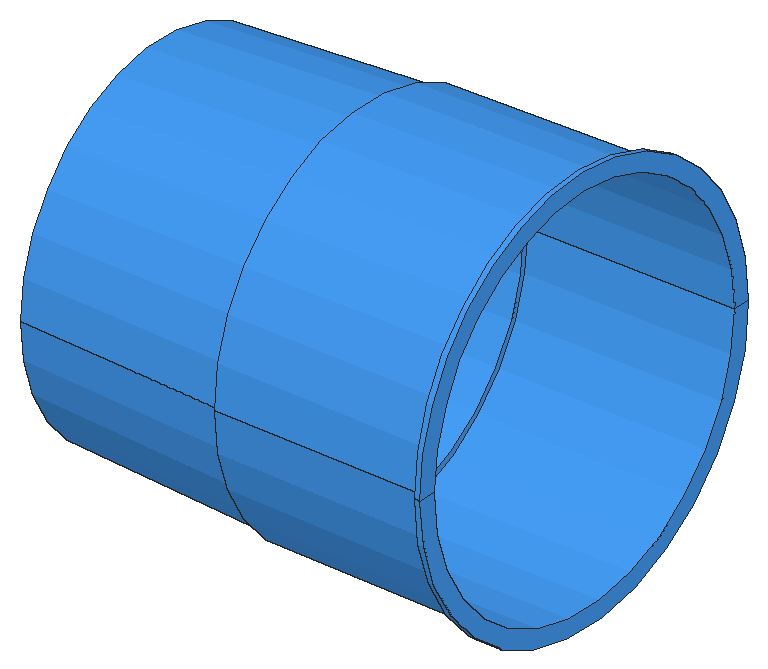
Revit family "65-EXTENSION REV 0", category Pipe Accessories, Revit 2023
Family settings
  Round Connector Dimension = Use Diameter
  Part Type = Breaks Into
  Work Plane-Based = No
  Always vertical = No
  Cut with Voids When Loaded = No
  Shared = No
Parameters
  URL = "http://www.suresnap.co.uk/"
  Model = "65-EXTENSION"
  Manufacturer = "Sure Snap Fire Collars UK"
  Description = "SURE SNAP 65 Extension"
  Default Elevation = 0 mm
  Cut Depth Offset [instance] = Cut Depth + 1 mm  # 1 mm
  Cut Depth [instance] = 0 mm
Reference planes
  plane 1 "Center (Front/Back)": y = 0
  plane 2: z = 0
  plane 3 "Center (Left/Right)": x = -99.679
  plane 4: x = -99.679
  plane 5: x = -99.679
  plane 6: x = -99.679
Forms (mm)
  Extrusion 1, solid, material "PVC-Blue", not visible, detail levels fine
    sketch origin (0, 0, 0) x (1, 0, 0) y (0, 0, 1)
      loop
        line (-80, 60.418) -> (-227.967, 86.048) -> (-227.967, 69.12) -> (-80, 60.418)
    from -1.5 to 1.5
  Extrusion 2, solid, material "PVC-Blue", not visible, detail levels fine
    sketch origin (0, 0, 0) x (1, 0, 0) y (0, -0.5, 0.866025)
      loop
        line (-80, 60.418) -> (-227.967, 86.048) -> (-227.967, 69.12) -> (-80, 60.418)
    from -1.5 to 1.5
  Extrusion 3, solid, material "PVC-Blue", not visible, detail levels fine
    sketch origin (0, 0, 0) x (1, 0, 0) y (0, -0.866025, 0.5)
      loop
        line (-80, 60.418) -> (-227.967, 86.048) -> (-227.967, 69.12) -> (-80, 60.418)
    from -1.5 to 1.5
  Extrusion 4, solid, material "PVC-Blue", not visible, detail levels fine
    sketch origin (0, 0, 0) x (0, -1, 0) y (-1, 0, 0)
      loop
        line (60.418, 80) -> (86.048, 227.967) -> (69.12, 227.967) -> (60.418, 80)
    from -1.5 to 1.5
  Extrusion 5, solid, material "PVC-Blue", not visible, detail levels fine
    sketch origin (0, 0, 0) x (1, 0, 0) y (0, -0.866025, -0.5)
      loop
        line (-80, 60.418) -> (-227.967, 86.048) -> (-227.967, 69.12) -> (-80, 60.418)
    from -1.5 to 1.5
  Extrusion 6, solid, material "PVC-Blue", not visible, detail levels fine
    sketch origin (0, 0, 0) x (1, 0, 0) y (0, -0.5, -0.866025)
      loop
        line (-80, 60.418) -> (-227.967, 86.048) -> (-227.967, 69.12) -> (-80, 60.418)
    from -1.5 to 1.5
  Extrusion 7, solid, material "PVC-Blue", not visible, detail levels fine
    sketch origin (0, 0, 0) x (1, 0, 0) y (0, 0, -1)
      loop
        line (-80, 60.418) -> (-227.967, 86.048) -> (-227.967, 69.12) -> (-80, 60.418)
    from -1.5 to 1.5
  Extrusion 8, solid, material "PVC-Blue", not visible, detail levels fine
    sketch origin (0, 0, 0) x (1, 0, 0) y (0, 0.5, -0.866025)
      loop
        line (-80, 60.418) -> (-227.967, 86.048) -> (-227.967, 69.12) -> (-80, 60.418)
    from -1.5 to 1.5
  Extrusion 9, solid, material "PVC-Blue", not visible, detail levels fine
    sketch origin (0, 0, 0) x (1, 0, 0) y (0, 0.866025, -0.5)
      loop
        line (-80, 60.418) -> (-227.967, 86.048) -> (-227.967, 69.12) -> (-80, 60.418)
    from -1.5 to 1.5
  Extrusion 10, solid, material "PVC-Blue", not visible, detail levels fine
    sketch origin (0, 0, 0) x (1, 0, 0) y (0, 1, 0)
      loop
        line (-80, 60.418) -> (-227.967, 86.048) -> (-227.967, 69.12) -> (-80, 60.418)
    from -1.5 to 1.5
  Extrusion 11, solid, material "PVC-Blue", not visible, detail levels fine
    sketch origin (0, 0, 0) x (1, 0, 0) y (0, 0.866025, 0.5)
      loop
        line (-80, 60.418) -> (-227.967, 86.048) -> (-227.967, 69.12) -> (-80, 60.418)
    from -1.5 to 1.5
  Extrusion 12, solid, material "PVC-Blue", not visible, detail levels fine
    sketch origin (0, 0, 0) x (1, 0, 0) y (0, 0.5, 0.866025)
      loop
        line (-80, 60.418) -> (-227.967, 86.048) -> (-227.967, 69.12) -> (-80, 60.418)
    from -1.5 to 1.5
  Extrusion 13, solid, material "PVC-Blue", not visible, detail levels medium+fine
    sketch origin (0, 0, 0) x (1, 0, 0) y (0, 0, 1)
      loop
        line (-227.967, 58.439) -> (-140.967, 58.439) -> (-140.967, 77.244)
        arc (-140.967, 77.244) -> (-148.679, 90.01) -> (-162.316, 96.048) r 24.811
        line (-162.316, 96.048) -> (-227.967, 96.048) -> (-227.967, 58.439)
    from -12 to 12
  Extrusion 14, solid, material "PVC-Blue", not visible, detail levels fine
    sketch origin (0, 0, 0) x (1, 0, 0) y (0, 0, 1)
      loop
        line (-227.967, 102.871) -> (-227.967, 96.048) -> (-162.316, 96.048) -> (-227.967, 102.871)
    from -2 to 2
  Extrusion 15, solid, material "PVC-Blue", not visible, detail levels fine
    sketch origin (0, 0, 0) x (1, 0, 0) y (0, 0, 1)
      loop
        circle (-157.362, 79.878) r 1.5
    from -30 to 30
  Extrusion 16, solid, material "PVC-Blue", not visible, detail levels medium+fine
    sketch origin (0, 0.061, 0.083) x (1, 0, 0) y (0, -0.707107, 0.707107)
      loop
        line (-227.967, 58.439) -> (-140.967, 58.439) -> (-140.967, 77.244)
        arc (-140.967, 77.244) -> (-148.679, 90.01) -> (-162.316, 96.048) r 24.811
        line (-162.316, 96.048) -> (-227.967, 96.048) -> (-227.967, 58.439)
    from -12 to 12
  Extrusion 17, solid, material "PVC-Blue", not visible, detail levels fine
    sketch origin (0, 0.061, 0.083) x (1, 0, 0) y (0, -0.707107, 0.707107)
      loop
        line (-227.967, 102.871) -> (-227.967, 96.048) -> (-162.316, 96.048) -> (-227.967, 102.871)
    from -2 to 2
  Extrusion 18, solid, material "PVC-Blue", not visible, detail levels fine
    sketch origin (0, 0.018, 0.04) x (1, 0, 0) y (0, -0.707107, 0.707107)
      loop
        circle (-157.362, 79.878) r 1.5
    from -30 to 30
  Extrusion 19, solid, material "PVC-Blue", not visible, detail levels fine
    sketch origin (0, -0.061, 0) x (1, 0, 0) y (0, 0, 1)
      loop
        line (-227.967, 92.766) -> (-227.967, 67.973) -> (-80, 67.973) -> (-227.967, 92.766)
    from -1.5 to 1.5
  Extrusion 20, solid, material "PVC-Blue", not visible
    sketch origin (-227.967, 0, 0) x (0, -1, 0) y (0, 0, -1)
      loop
        circle (37.79, -92.766) r 6
      loop
        circle (37.79, -92.766) r 3.5
    from 0 to 10
  Extrusion 21, solid, material "PVC-Blue", not visible
    sketch origin (-227.967, 0, 0) x (0, 1, 0) y (0, 0, 1)
      loop
        circle (37.79, 92.766) r 6
      loop
        circle (37.79, 92.766) r 3.5
    from 0 to 10
  Revolve 22, solid, material "PVC-Blue"
    sketch origin (-79.701, -2.508, 0) x (-1, 0, 0) y (0, -1, 0)
      loop
        line (80, -39.872) -> (30, -42.58) -> (30, -43.58) -> (-18, -43.58) -> (-18, -47.58) -> (-16.7, -47.58) -> (-16.7, -45.576) -> (32, -44.7) -> (32, -43.6) -> (80, -41) -> (80, -39.872)
      axis (80, 0) -> (-18, 0)
    angle from 0 to 360
Dimensions and locks
  plane 4 to plane 3 "Center (Left/Right)" = 0 mm
  Extrusion 1 sketch curve to Extrusion 1 sketch curve = 0 mm
  Extrusion 2 sketch curve to Extrusion 2 sketch curve = 0 mm
  Extrusion 3 sketch curve to Extrusion 3 sketch curve = 0 mm
  Extrusion 4 sketch curve to Extrusion 4 sketch curve = 0 mm
  Extrusion 5 sketch curve to Extrusion 5 sketch curve = 0 mm
  Extrusion 6 sketch curve to Extrusion 6 sketch curve = 0 mm
  Extrusion 7 sketch curve to Extrusion 7 sketch curve = 0 mm
  Extrusion 8 sketch curve to Extrusion 8 sketch curve = 0 mm
  Extrusion 9 sketch curve to Extrusion 9 sketch curve = 0 mm
  Extrusion 10 sketch curve to Extrusion 10 sketch curve = 0 mm
  Extrusion 11 sketch curve to Extrusion 11 sketch curve = 0 mm
  Extrusion 12 sketch curve to Extrusion 12 sketch curve = 0 mm
  aligned and locked: level to plane 2
Connectors
  piping at (-99.679, 0, 0), diameter 65
    settings: on plane 6, index 4, connector inside diameter 609.6 mm, connector length 0 mm, flow factor 0, pipe flow 0.0 L/s, pressure drop 0.0 Pa, fitting loss kfactor 0, connector angle 0.00°, fixture units 0, engagement length 0 mm, angle of deflection 0.00°, flow configuration 0, flow direction 0, fitting loss method 0, system type 7, joint type 0, gender type 0, connector reference index -1, connector utility 0, adjustable connector no, is connector primary yes, connector description ""
  piping at (-99.679, 0, 0), diameter 65
    settings: on plane 5, index 5, connector inside diameter 609.6 mm, connector length 0 mm, flow factor 0, pipe flow 0.0 L/s, pressure drop 0.0 Pa, fitting loss kfactor 0, connector angle 0.00°, fixture units 0, engagement length 0 mm, angle of deflection 0.00°, flow configuration 0, flow direction 0, fitting loss method 0, system type 7, joint type 0, gender type 0, connector reference index -1, connector utility 0, adjustable connector no, is connector primary no, connector description ""
